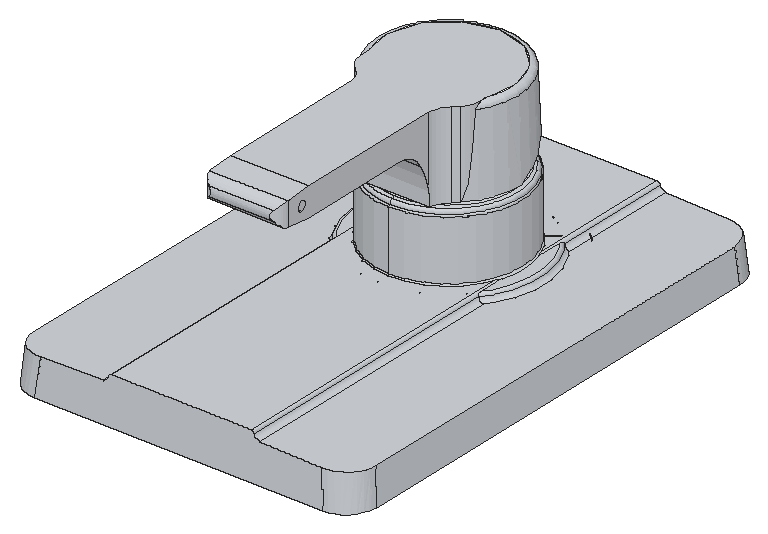
Revit family "Shower-Valve_Trim-KOHLER-SINGULIER-K-10880T_1", category Specialty Equipment, host Face, Revit 2017
Family settings
  Host = Face
  Round Connector Dimension = Use Diameter
  Part Type = Normal
  OmniClass Number = 23.31.25.00
  OmniClass Title = Toilet and Bath Specialties
  Cut with Voids When Loaded = No
  Shared = No
  Room Calculation Point = No
Parameters (values of type "CP-Polished Chrome")
  Width = 4 135/256"  # constant formula
  WaterSense Certified = 1 = 0  # no
  URL = "http://www.kohler.com.cn/"
  Type = 1
  Product Page URL = "https://www.kohler.com.cn/product/K-10880T-4-CP/K-10880T-4-CP/"
  Product Name = "Singulier"  # constant formula
  Product Documentation Link = "https://files.kohler.com.cn/pdfs/10880T.pdf"
  Model = if(Type = 1, "K-10880T-4-CP", if(Type = 2, "K-10880T-4-AF", if(Type = 3, "K-10880T-4-BN", "NA")))  # "K-10880T-4-CP"
  Material = "Premium Metal Construction"  # constant formula
  Master Format 2014 Name = "Toilet, Bath, and Laundry Accessories"  # constant formula
  Master Format 2014 = "10 28 00"  # constant formula
  Manufacturer Address = "Kohler Beijing Office (100016) 36-2-03-B, No. 88, Liuxiang Road, Beijing"  # constant formula
  Manufacturer = "KOHLER Co."  # constant formula
  Length = 2 167/256"  # constant formula
  Height = 6 177/256"  # constant formula
  Handle Clearance = 3 99/256"  # constant formula
  Finish = Kohler-Metal-CP-Polished_Chrome
  Environmental Product Declaration = ""
  Description = "40mm in-wall shower panel"  # constant formula
  Default Elevation = 42"
  Declare Label = ""
  Date Modified = "04/01/2021"  # constant formula
  Date Created = "04/01/2021"  # constant formula
  Copyright = "Copyright KOHLER Co."  # constant formula
  Contact Us = "http://www.kohler.com.cn/contact/contact-us/"
  Assembly Code = "C1030200"
  ADA Compliant = 1 = 0  # no
Types (4): name | Type | Product Page URL | Model | Finish
  (no name) | 1 | "https://www.kohler.com.cn/product/K-10880T-4-CP/K-10880T-4-CP/" | "K-10880T-4-CP" | Kohler-Metal-CP-Polished_Chrome
  BN-Roman Silver | 3 | "https://www.kohler.com.cn/product/K-10880T-4-CP/K-10880T-4-BN/" | "K-10880T-4-BN" | Kohler-Metal-BN-Roman_Silver
  CP-Polished Chrome | 1 | "https://www.kohler.com.cn/product/K-10880T-4-CP/K-10880T-4-CP/" | "K-10880T-4-CP" | Kohler-Metal-CP-Polished_Chrome
  AF-Flange Gold | 2 | "https://www.kohler.com.cn/product/K-10880T-4-CP/K-10880T-4-AF/" | "K-10880T-4-AF" | Kohler-Metal-AF-Flange_Gold
Reference planes (in)
  plane 1 "Center (Front/Back)": y = 0
  plane 2: z = 0
  plane 3 "Center (Left/Right)": x = 0
  plane 4: y = 3.3457
  plane 5: y = -3.3457
  plane 6: z = 2.65234
  plane 7: y = 1.04331
  plane 8: y = -2.34341
  plane 9: x = 2.26404
  plane 10: x = -2.2633
  plane 11: z = 0.48398
  plane 12: y = 2.00712
  plane 13: y = 0.07799
  plane 14: x = -1.00368
  plane 15: x = 1.00368
Dimensions and locks (in)
  "Height": plane 5 to plane 4
  "Length": level to plane 6
  "Handle Clearance": plane 7 to plane 8
  "Width": plane 10 to plane 9
  aligned and locked: plane 2 to host face
  aligned and locked: level to host face
  aligned and locked: plane 4 to nested 1
  aligned and locked: plane 5 to nested 1
  aligned and locked: plane 6 to nested 1
  aligned and locked: plane 7 to nested 1
  aligned and locked: plane 8 to nested 1
Automatic sketch dimensions
  host sketch curve to host sketch curve = 96"  (x2)
Nested families (in)
  nested 1: "K-10880T" at (0.00026, -0.00075, -0.00107), type "K-10880T"
Definition of nested family "K-10880T"
  Parameters (values of type "K-10880T")
    Material = none
  Reference planes (in)
    plane 1 "Center (Front/Back)": y = 0
    plane 2: z = 0
    plane 3 "Center (Left/Right)": x = 0
    plane 4: y = 3.34646
    plane 5: y = -3.34646
    plane 6: x = 2.26378
    plane 7 "1": y = 1.04331
    plane 8: z = 2.65341
    plane 9: y = -2.34252
    plane 10: x = -2.26378
  Forms (in)
    SweptBlend 1, solid, material <- "Material", detail levels medium+fine
      path origin (0, 0, 0) x (1, 0, 0) y (0, 0, 1)
        loop
          line (0, 0) -> (0, 0.59055)
      profile origin (0, 0, 0) x (-1, 0, 0) y (0, -1, 0)
        loop
          arc (1.87131, -3.34646) -> (2.1497, -3.23114) -> (2.26501, -2.95276) r 0.3937
          line (2.26501, -2.95276) -> (2.26501, 2.95276)
          arc (2.26501, 2.95276) -> (2.1497, 3.23114) -> (1.87131, 3.34646) r 0.3937
          line (1.87131, 3.34646) -> (-1.87131, 3.34646)
          arc (-1.87131, 3.34646) -> (-2.1497, 3.23114) -> (-2.26501, 2.95276) r 0.3937
          line (-2.26501, 2.95276) -> (-2.26501, -2.95276)
          arc (-2.26501, -2.95276) -> (-2.1497, -3.23114) -> (-1.87131, -3.34646) r 0.3937
          line (-1.87131, -3.34646) -> (1.87131, -3.34646)
      end profile origin (0, 0, 0.59055) x (-1, 0, 0) y (0, -1, 0)
        loop
          arc (1.81836, -3.29357) -> (2.09675, -3.17826) -> (2.21206, -2.89987) r 0.3937
          line (2.21206, -2.89987) -> (2.21206, 2.89961)
          arc (2.21206, 2.89961) -> (2.09675, 3.178) -> (1.81836, 3.29331) r 0.3937
          line (1.81836, 3.29331) -> (-1.81836, 3.29331)
          arc (-1.81836, 3.29331) -> (-2.09674, 3.178) -> (-2.21206, 2.89961) r 0.3937
          line (-2.21206, 2.89961) -> (-2.21206, -2.89987)
          arc (-2.21206, -2.89987) -> (-2.09674, -3.17826) -> (-1.81836, -3.29357) r 0.3937
          line (-1.81836, -3.29357) -> (1.81836, -3.29357)
    Extrusion 2, void
      sketch origin (0, 0, 0) x (1, 0, 0) y (0, 0, 1)
        loop
          line (2.59566, 0.4396) -> (2.59566, 0.75842) -> (-2.64178, 0.75842) -> (-2.64178, 0.43768)
          arc (-2.64178, 0.43768) -> (-1.83065, 0.4666) -> (-1.01922, 0.48503) r 62.75716
          arc (-1.01922, 0.48503) -> (-0.9708, 0.50351) -> (-0.94552, 0.54875) r 0.07592
          arc (-0.94552, 0.54875) -> (-0.93208, 0.5728) -> (-0.90633, 0.58261) r 0.04035
          arc (-0.90633, 0.58261) -> (-0.00003, 0.58972) -> (0.90627, 0.58265) r 57.92163
          arc (0.90627, 0.58265) -> (0.93326, 0.5723) -> (0.9472, 0.54697) r 0.04207
          arc (0.9472, 0.54697) -> (0.97136, 0.50303) -> (1.01817, 0.48504) r 0.073
          arc (1.01817, 0.48504) -> (1.80706, 0.46728) -> (2.59566, 0.4396) r 62.75716
      from -4.04299 to 3.66349
    Revolve 3, solid, material <- "Material", detail levels medium+fine
      sketch origin (0, 0, 0) x (0, 1, 0) y (0, 0, 1)
        loop
          arc (2.00787, 1.37323) -> (2.00235, 1.3889) -> (1.98822, 1.39764) r 0.02498
          arc (1.98822, 1.39764) -> (1.98062, 1.42785) -> (1.9552, 1.44585) r 0.04491
          line (1.9552, 1.44585) -> (1.90789, 1.45852)
          arc (1.90789, 1.45852) -> (1.8661, 1.48639) -> (1.84983, 1.53391) r 0.07833
          arc (1.84983, 1.53391) -> (1.61059, 2.09106) -> (1.04331, 2.30514) r 0.77455
          line (1.04331, 2.30514) -> (1.04331, 0.29362) -> (2.53985, 0.29362) -> (2.53985, 0.39443)
          arc (2.53985, 0.39443) -> (2.52867, 0.42524) -> (2.50033, 0.44169) r 0.04801
          line (2.50033, 0.44169) -> (2.29024, 0.47943)
          arc (2.29024, 0.47943) -> (2.24885, 0.50153) -> (2.22821, 0.54366) r 0.0763
          arc (2.22821, 0.54366) -> (2.21486, 0.56817) -> (2.18873, 0.578) r 0.04004
          arc (2.18873, 0.578) -> (2.10911, 0.57852) -> (2.02949, 0.57948) r 14.53707
          arc (2.02949, 0.57948) -> (2.01419, 0.58602) -> (2.00787, 0.60142) r 0.02194
          line (2.00787, 0.60142) -> (2.00787, 1.37323)
        axis (1.04331, 2.30514) -> (1.04331, 0.29362)
      angle from 0 to 360
    Revolve 4, solid, material <- "Material", detail levels medium+fine
      sketch origin (0, 0, 0) x (0, 1, 0) y (0, 0, 1)
        loop
          line (1.98166, 1.54134) -> (1.9515, 2.57742)
          arc (1.9515, 2.57742) -> (1.9278, 2.63129) -> (1.87326, 2.65341) r 0.07827
          line (1.87326, 2.65341) -> (1.03369, 2.65341) -> (1.03369, 1.54134) -> (1.98166, 1.54134)
        axis (1.03369, 2.65341) -> (1.03369, 1.54134)
      angle from 0 to 360
    Extrusion 5, void
      sketch origin (0, 0, 0) x (0, 1, 0) y (0, 0, 1)
        loop
          line (0.98895, 1.51482) -> (2.08275, 1.51482) -> (2.08275, 2.04836) -> (0.98895, 1.51482)
      from -1.19707 to 1.3425
    Revolve 6, solid, material <- "Material", detail levels medium+fine
      sketch origin (0, 0, 0) x (0, 1, 0) y (0, 0, 1)
        loop
          arc (2.02691, 2.26392) -> (1.99308, 2.37398) -> (1.89741, 2.43806) r 0.17206
          line (1.89741, 2.43806) -> (1.89741, 2.26392) -> (2.02691, 2.26392)
        axis (2.02691, 2.26392) -> (1.89741, 2.26392)
      angle from 0 to 360
    Extrusion 7, solid, material <- "Material", detail levels medium+fine
      sketch origin (0, 0, 0) x (1, 0, 0) y (0, 1, 0)
        loop
          line (-0.3492, -2.34638) -> (0.3492, -2.34638)
          arc (0.3492, -2.34638) -> (0.46056, -2.30026) -> (0.50668, -2.1889) r 0.15748
          line (0.50668, -2.1889) -> (0.50668, 0.07491)
          arc (0.50668, 0.07491) -> (0.53558, 0.20638) -> (0.61673, 0.31377) r 0.31496
          arc (0.61673, 0.31377) -> (0.655, 0.3484) -> (0.69132, 0.38506) r 0.94797
          arc (0.69132, 0.38506) -> (0.74784, 0.47419) -> (0.7676, 0.57786) r 0.28178
          line (0.7676, 0.57786) -> (0.7676, 0.87343) -> (-0.7676, 0.87343) -> (-0.7676, 0.57786)
          arc (-0.7676, 0.57786) -> (-0.74784, 0.47419) -> (-0.69132, 0.38506) r 0.28178
          arc (-0.69132, 0.38506) -> (-0.655, 0.3484) -> (-0.61673, 0.31377) r 0.94797
          arc (-0.61673, 0.31377) -> (-0.53552, 0.20623) -> (-0.50668, 0.07458) r 0.31496
          line (-0.50668, 0.07458) -> (-0.50668, -2.1889)
          arc (-0.50668, -2.1889) -> (-0.46056, -2.30026) -> (-0.3492, -2.34638) r 0.15748
      from 1.54134 to 2.65341
    Extrusion 8, void
      sketch origin (0, 0, 0) x (0, 1, 0) y (0, 0, 1)
        loop
          line (-1.86904, 2.65341) -> (-0.17696, 2.65341) -> (-0.17696, 3.25497) -> (-3.12972, 3.25497) -> (-3.12972, 1.4988) -> (0.10065, 1.4988)
          arc (0.10065, 1.4988) -> (0.07936, 1.79855) -> (-0.0351, 2.07641) r 0.94365
          arc (-0.0351, 2.07641) -> (-0.19524, 2.23019) -> (-0.41008, 2.2862) r 0.44002
          line (-0.41008, 2.2862) -> (-1.86428, 2.2862)
          arc (-1.86428, 2.2862) -> (-2.02747, 2.29303) -> (-2.18952, 2.31346) r 1.95379
          arc (-2.18952, 2.31346) -> (-2.26933, 2.34165) -> (-2.32618, 2.40435) r 0.17279
          arc (-2.32618, 2.40435) -> (-2.34252, 2.46937) -> (-2.32663, 2.5345) r 0.13944
          arc (-2.32663, 2.5345) -> (-2.27537, 2.59399) -> (-2.20307, 2.62464) r 0.17279
          arc (-2.20307, 2.62464) -> (-2.03668, 2.6462) -> (-1.86904, 2.65341) r 1.95379
      from -1.50105 to 1.75816
    Extrusion 9, void
      sketch origin (0, 0, 0) x (0, 1, 0) y (0, 0, 1)
        loop
          line (-0.43761, 1.90197) -> (-0.43761, 1.50827) -> (0.27954, 1.50827) -> (0.27954, 1.90197) -> (-0.43761, 1.90197)
      from -0.38902 to 0.31495
    Extrusion 10, solid, material <- "Material", detail levels coarse
      sketch origin (0, 0, 0) x (1, 0, 0) y (0, 1, 0)
        loop
          arc (-1.87016, 3.34646) -> (-2.14854, 3.23114) -> (-2.26386, 2.95276) r 0.3937
          line (-2.26386, 2.95276) -> (-2.26386, -2.95276)
          arc (-2.26386, -2.95276) -> (-2.14854, -3.23114) -> (-1.87016, -3.34646) r 0.3937
          line (-1.87016, -3.34646) -> (1.87131, -3.34646)
          arc (1.87131, -3.34646) -> (2.1497, -3.23114) -> (2.26501, -2.95276) r 0.3937
          line (2.26501, -2.95276) -> (2.26501, 2.95276)
          arc (2.26501, 2.95276) -> (2.1497, 3.23114) -> (1.87131, 3.34646) r 0.3937
          line (1.87131, 3.34646) -> (-1.87016, 3.34646)
      from 0 to 0.48477
    Extrusion 11, solid, material <- "Material", detail levels coarse
      sketch origin (0, 0, 0) x (1, 0, 0) y (0, 1, 0)
        loop
          line (-0.96455, 3.34646) -> (-0.96455, 1.78424)
          arc (-0.96455, 1.78424) -> (-1.17704, 1.03478) -> (-0.96455, 0.28532) r 1.42791
          line (-0.96455, 0.28532) -> (-0.96455, -3.34646) -> (0.96455, -3.34646) -> (0.96455, 0.32795)
          arc (0.96455, 0.32795) -> (1.17704, 1.07741) -> (0.96455, 1.82687) r 1.42791
          line (0.96455, 1.82687) -> (0.96455, 3.34646) -> (-0.96455, 3.34646)
      from 0 to 0.58977
    Revolve 12, solid, material <- "Material", detail levels coarse
      sketch origin (0, 0, 0) x (0, 1, 0) y (0, 0, 1)
        loop
          line (2.00787, 0.24445) -> (2.00787, 1.31119)
          arc (2.00787, 1.31119) -> (2.00617, 1.44162) -> (2.00105, 1.57196) r 4.9825
          line (2.00105, 1.57196) -> (1.94437, 2.65341) -> (1.04331, 2.65341) -> (1.04331, 0.24445) -> (2.00787, 0.24445)
        axis (1.04331, 2.65341) -> (1.04331, 0.24445)
      angle from 0 to 360
    Extrusion 13, solid, material <- "Material", detail levels coarse
      sketch origin (0, 0, 0) x (0, 1, 0) y (0, 0, 1)
        loop
          line (0.64961, 2.2862) -> (0.64961, 2.65341) -> (-2.34252, 2.65341) -> (-2.34252, 2.2862) -> (0.64961, 2.2862)
      from -0.50668 to 0.50668
    Extrusion 14, solid, detail levels medium+fine
      sketch origin (0, 0, 0) x (0, 1, 0) y (0, 0, 1)
        loop
          circle (-1.98073, 2.46874) r 0.0565
      from 0.33928 to 0.507
    Extrusion 15, solid, detail levels medium+fine
      sketch origin (0, 0, 0) x (0, 1, 0) y (0, 0, -1)
        loop
          circle (-1.98073, -2.46874) r 0.0565
      from 0.33928 to 0.507
  Cuts and joins
    Extrusion 2, Extrusion 5 cuts SweptBlend 1
    Extrusion 5, Extrusion 9 cuts Revolve 4
    Extrusion 9 cuts Revolve 6
    Extrusion 8 cuts Extrusion 7
    joined: Revolve 3, Revolve 4, Revolve 6, Extrusion 7
    joined: Extrusion 10, Extrusion 11, Revolve 12, Extrusion 13
  Lines and regions (in)
    Masking region 1
      outline origin (0, 0, 0) x (1, 0, 0) y (0, 1, 0)
        loop
          arc (-1.87238, 3.34646) -> (-2.15001, 3.23146) -> (-2.26501, 2.95383) r 0.39263
          line (-2.26501, 2.95383) -> (-2.26501, -2.95383)
          arc (-2.26501, -2.95383) -> (-2.15001, -3.23146) -> (-1.87238, -3.34646) r 0.39263
          line (-1.87238, -3.34646) -> (1.87238, -3.34646)
          arc (1.87238, -3.34646) -> (2.15001, -3.23146) -> (2.26501, -2.95383) r 0.39263
          line (2.26501, -2.95383) -> (2.26501, 2.95383)
          arc (2.26501, 2.95383) -> (2.15001, 3.23146) -> (1.87238, 3.34646) r 0.39263
          line (1.87238, 3.34646) -> (-1.87238, 3.34646)
    Masking region 2
      outline origin (0, 0, 0) x (1, 0, 0) y (0, 0, 1)
        loop
          arc (0.96457, 1.37471) -> (0.95904, 1.39038) -> (0.94491, 1.39912) r 0.02498
          arc (0.94491, 1.39912) -> (0.93732, 1.42933) -> (0.91189, 1.44733) r 0.04491
          line (0.91189, 1.44733) -> (0.86458, 1.46001)
          arc (0.86458, 1.46001) -> (0.82102, 1.49026) -> (0.80673, 1.54134) r 0.07833
          line (0.80673, 1.54134) -> (0.94797, 1.54134) -> (0.91781, 2.57742)
          arc (0.91781, 2.57742) -> (0.89411, 2.63129) -> (0.83957, 2.65341) r 0.07827
          line (0.83957, 2.65341) -> (0, 2.65341) -> (-0.83957, 2.65341)
          arc (-0.83957, 2.65341) -> (-0.89411, 2.63129) -> (-0.91781, 2.57742) r 0.07827
          line (-0.91781, 2.57742) -> (-0.94797, 1.54134) -> (-0.80673, 1.54134)
          arc (-0.80673, 1.54134) -> (-0.82102, 1.49026) -> (-0.86458, 1.46001) r 0.07833
          line (-0.86458, 1.46001) -> (-0.91189, 1.44733)
          arc (-0.91189, 1.44733) -> (-0.93732, 1.42933) -> (-0.94491, 1.39912) r 0.04491
          arc (-0.94491, 1.39912) -> (-0.95904, 1.39038) -> (-0.96457, 1.37471) r 0.02498
          line (-0.96457, 1.37471) -> (-0.96457, 0.6029)
          arc (-0.96457, 0.6029) -> (-0.97088, 0.5875) -> (-0.98619, 0.58096) r 0.02194
          arc (-0.98619, 0.58096) -> (-1.0658, 0.58) -> (-1.14543, 0.57948) r 14.53707
          arc (-1.14543, 0.57948) -> (-1.17155, 0.56965) -> (-1.1849, 0.54514) r 0.04004
          arc (-1.1849, 0.54514) -> (-1.20657, 0.50196) -> (-1.24984, 0.48045) r 0.0763
          arc (-1.24984, 0.48045) -> (-1.70497, 0.46948) -> (-2.16001, 0.45541) r 67.07927
          arc (-2.16001, 0.45541) -> (-2.19667, 0.44042) -> (-2.21477, 0.40518) r 0.05713
          line (-2.21477, 0.40518) -> (-2.26376, 0) -> (0, 0) -> (2.26381, 0) -> (2.21482, 0.40518)
          arc (2.21482, 0.40518) -> (2.19672, 0.44042) -> (2.16006, 0.45541) r 0.05713
          arc (2.16006, 0.45541) -> (1.70499, 0.46948) -> (1.24983, 0.48045) r 67.07927
          arc (1.24983, 0.48045) -> (1.20657, 0.50196) -> (1.1849, 0.54514) r 0.0763
          arc (1.1849, 0.54514) -> (1.17155, 0.56965) -> (1.14543, 0.57948) r 0.04004
          arc (1.14543, 0.57948) -> (1.0658, 0.58) -> (0.98619, 0.58096) r 14.53707
          arc (0.98619, 0.58096) -> (0.97088, 0.5875) -> (0.96457, 0.6029) r 0.02194
          line (0.96457, 0.6029) -> (0.96457, 1.37471)
    Masking region 3
      outline origin (0, 0, 0) x (0, 1, 0) y (0, 0, 1)
        loop
          line (-3.29836, 0.5344) -> (-3.34646, 0) -> (3.34646, 0) -> (3.29851, 0.53543)
          arc (3.29851, 0.53543) -> (3.27936, 0.57411) -> (3.23913, 0.58972) r 0.05961
          line (3.23913, 0.58972) -> (2.00787, 0.58972) -> (2.00787, 1.37323)
          arc (2.00787, 1.37323) -> (2.00262, 1.38912) -> (1.98822, 1.39764) r 0.02384
          arc (1.98822, 1.39764) -> (1.98047, 1.4279) -> (1.95494, 1.44592) r 0.04522
          line (1.95494, 1.44592) -> (1.90797, 1.4585)
          arc (1.90797, 1.4585) -> (1.86561, 1.48683) -> (1.8493, 1.53511) r 0.07916
          arc (1.8493, 1.53511) -> (1.82707, 1.71869) -> (1.761, 1.89142) r 0.75735
          line (1.761, 1.89142) -> (1.96852, 1.99264) -> (1.96472, 2.124)
          arc (1.96472, 2.124) -> (2.02794, 2.2691) -> (1.95643, 2.41029) r 0.18585
          line (1.95643, 2.41029) -> (1.95159, 2.57742)
          arc (1.95159, 2.57742) -> (1.9279, 2.63128) -> (1.87337, 2.65341) r 0.07825
          line (1.87337, 2.65341) -> (-1.86904, 2.65341)
          arc (-1.86904, 2.65341) -> (-2.03668, 2.6462) -> (-2.20307, 2.62464) r 1.95379
          arc (-2.20307, 2.62464) -> (-2.27537, 2.59399) -> (-2.32663, 2.5345) r 0.17279
          arc (-2.32663, 2.5345) -> (-2.34252, 2.46937) -> (-2.32618, 2.40435) r 0.13944
          arc (-2.32618, 2.40435) -> (-2.26933, 2.34165) -> (-2.18952, 2.31346) r 0.17279
          arc (-2.18952, 2.31346) -> (-2.02747, 2.29303) -> (-1.86428, 2.2862) r 1.95379
          line (-1.86428, 2.2862) -> (-0.41008, 2.2862)
          arc (-0.41008, 2.2862) -> (-0.19524, 2.23019) -> (-0.0351, 2.07641) r 0.44002
          arc (-0.0351, 2.07641) -> (0.07424, 1.81925) -> (0.10348, 1.54134) r 0.94365
          line (0.10348, 1.54134) -> (0.23706, 1.54134)
          arc (0.23706, 1.54134) -> (0.22285, 1.48935) -> (0.17864, 1.4585) r 0.07916
          line (0.17864, 1.4585) -> (0.13167, 1.44592)
          arc (0.13167, 1.44592) -> (0.10615, 1.4279) -> (0.09839, 1.39764) r 0.04522
          arc (0.09839, 1.39764) -> (0.08399, 1.38912) -> (0.07874, 1.37323) r 0.02384
          line (0.07874, 1.37323) -> (0.07874, 0.58972) -> (-3.23783, 0.58972)
          arc (-3.23783, 0.58972) -> (-3.27883, 0.57381) -> (-3.29836, 0.5344) r 0.06077
    symbolic lines, detail levels medium+fine
      curve 1: line (0.50668, -2.22441, 0) -> (0.50668, 0.07388, 0)
      curve 2: line (-0.50668, 0.07347, 0) -> (-0.50668, -2.22441, 0)
      curve 3: line (-0.38857, -2.34252, 0) -> (0.38857, -2.34252, 0)
      curve 4: arc (-0.50668, -2.22441, 0) -> (-0.47209, -2.30793, 0) -> (-0.38857, -2.34252, 0) r 0.11811
      curve 5: arc (0.38857, -2.34252, 0) -> (0.47209, -2.30793, 0) -> (0.50668, -2.22441, 0) r 0.11811
      curve 6: line (-2.2163, -2.92005, 0) -> (-2.2163, 2.92005, 0)
      curve 7: spline (-2.2163, 2.92005, 0) -> (-2.21189, 2.97066, 0) -> (-2.201, 3.02028, 0) -> (-2.18381, 3.06808, 0) -> (-2.1606, 3.11327, 0) -> (-2.13177, 3.15508, 0) -> (-2.09778, 3.19283, 0) -> (-2.05922, 3.22587, 0) -> (-2.01672, 3.25367, 0) -> (-1.97099, 3.27576, 0) -> (-1.9228, 3.29177, 0) -> (-1.87294, 3.30142, 0) -> (-1.82226, 3.30457, 0)
      curve 8: spline (-1.83456, 3.30468, 0) -> (-1.76664, 3.30451, 0) -> (-1.69871, 3.30434, 0) -> (-1.63078, 3.30418, 0) -> (-1.56285, 3.30402, 0) -> (-1.49492, 3.30387, 0) -> (-1.42699, 3.30373, 0) -> (-1.35905, 3.3036, 0) -> (-1.29111, 3.30347, 0) -> (-1.22317, 3.30335, 0) -> (-1.15523, 3.30323, 0) -> (-1.08729, 3.30312, 0) -> (-1.01935, 3.30302, 0)
      curve 9: spline (-1.01935, 3.30302, 0) -> (-1.01053, 3.30296, 0) -> (-1.00184, 3.30281, 0) -> (-0.99341, 3.30257, 0) -> (-0.98535, 3.30225, 0) -> (-0.97777, 3.30184, 0) -> (-0.97076, 3.30136, 0) -> (-0.96443, 3.30081, 0) -> (-0.95886, 3.3002, 0) -> (-0.95412, 3.29953, 0) -> (-0.95029, 3.29882, 0) -> (-0.94741, 3.29807, 0) -> (-0.94551, 3.2973, 0)
      curve 10: spline (-0.94551, 3.29731, 0) -> (-0.9445, 3.2969, 0) -> (-0.94297, 3.29651, 0) -> (-0.94092, 3.29613, 0) -> (-0.93841, 3.29578, 0) -> (-0.93544, 3.29545, 0) -> (-0.93208, 3.29516, 0) -> (-0.92835, 3.2949, 0) -> (-0.92432, 3.29469, 0) -> (-0.92004, 3.29452, 0) -> (-0.91556, 3.29439, 0) -> (-0.91094, 3.29431, 0) -> (-0.90626, 3.29428, 0)
      curve 11: spline (-0.90626, 3.29428, 0) -> (-0.75523, 3.29409, 0) -> (-0.6042, 3.29393, 0) -> (-0.45316, 3.2938, 0) -> (-0.30212, 3.29371, 0) -> (-0.15107, 3.29366, 0) -> (-0.00003, 3.29364, 0) -> (0.15102, 3.29366, 0) -> (0.30206, 3.29371, 0) -> (0.4531, 3.2938, 0) -> (0.60414, 3.29392, 0) -> (0.75517, 3.29408, 0) -> (0.9062, 3.29428, 0)
      curve 12: spline (0.9062, 3.29428, 0) -> (0.91112, 3.29431, 0) -> (0.91596, 3.29439, 0) -> (0.92066, 3.29453, 0) -> (0.92515, 3.29471, 0) -> (0.92937, 3.29493, 0) -> (0.93326, 3.2952, 0) -> (0.93678, 3.29551, 0) -> (0.93987, 3.29586, 0) -> (0.94248, 3.29623, 0) -> (0.9446, 3.29663, 0) -> (0.94617, 3.29704, 0) -> (0.94719, 3.29747, 0)
      curve 13: spline (0.9472, 3.29747, 0) -> (0.94896, 3.29821, 0) -> (0.95168, 3.29894, 0) -> (0.95534, 3.29963, 0) -> (0.95988, 3.30027, 0) -> (0.96523, 3.30087, 0) -> (0.97133, 3.30141, 0) -> (0.97809, 3.30187, 0) -> (0.98541, 3.30227, 0) -> (0.9932, 3.30258, 0) -> (1.00136, 3.30282, 0) -> (1.00976, 3.30296, 0) -> (1.01829, 3.30302, 0)
      curve 14: spline (1.01829, 3.30302, 0) -> (1.08531, 3.30312, 0) -> (1.15232, 3.30323, 0) -> (1.21933, 3.30334, 0) -> (1.28634, 3.30346, 0) -> (1.35335, 3.30359, 0) -> (1.42036, 3.30372, 0) -> (1.48736, 3.30386, 0) -> (1.55436, 3.304, 0) -> (1.62137, 3.30415, 0) -> (1.68837, 3.30431, 0) -> (1.75536, 3.30448, 0) -> (1.82236, 3.30465, 0)
      curve 15: spline (-2.2163, -2.92005, 0) -> (-2.21189, -2.97066, 0) -> (-2.201, -3.02028, 0) -> (-2.18381, -3.06808, 0) -> (-2.1606, -3.11327, 0) -> (-2.13177, -3.15508, 0) -> (-2.09778, -3.19283, 0) -> (-2.05922, -3.22587, 0) -> (-2.01672, -3.25367, 0) -> (-1.97099, -3.27576, 0) -> (-1.9228, -3.29177, 0) -> (-1.87294, -3.30142, 0) -> (-1.82226, -3.30457, 0)
      curve 16: spline (-1.83456, -3.30468, 0) -> (-1.76664, -3.30451, 0) -> (-1.69871, -3.30434, 0) -> (-1.63078, -3.30418, 0) -> (-1.56285, -3.30402, 0) -> (-1.49492, -3.30387, 0) -> (-1.42699, -3.30373, 0) -> (-1.35905, -3.3036, 0) -> (-1.29111, -3.30347, 0) -> (-1.22317, -3.30335, 0) -> (-1.15523, -3.30323, 0) -> (-1.08729, -3.30312, 0) -> (-1.01935, -3.30302, 0)
      curve 17: spline (-1.01935, -3.30302, 0) -> (-1.01053, -3.30296, 0) -> (-1.00184, -3.30281, 0) -> (-0.99341, -3.30257, 0) -> (-0.98535, -3.30225, 0) -> (-0.97777, -3.30184, 0) -> (-0.97076, -3.30136, 0) -> (-0.96443, -3.30081, 0) -> (-0.95886, -3.3002, 0) -> (-0.95412, -3.29953, 0) -> (-0.95029, -3.29882, 0) -> (-0.94741, -3.29807, 0) -> (-0.94551, -3.2973, 0)
      curve 18: spline (-0.94551, -3.29731, 0) -> (-0.9445, -3.2969, 0) -> (-0.94297, -3.29651, 0) -> (-0.94092, -3.29613, 0) -> (-0.93841, -3.29578, 0) -> (-0.93544, -3.29545, 0) -> (-0.93208, -3.29516, 0) -> (-0.92835, -3.2949, 0) -> (-0.92432, -3.29469, 0) -> (-0.92004, -3.29452, 0) -> (-0.91556, -3.29439, 0) -> (-0.91094, -3.29431, 0) -> (-0.90626, -3.29428, 0)
      curve 19: spline (-0.90626, -3.29428, 0) -> (-0.75523, -3.29409, 0) -> (-0.6042, -3.29393, 0) -> (-0.45316, -3.2938, 0) -> (-0.30212, -3.29371, 0) -> (-0.15107, -3.29366, 0) -> (-0.00003, -3.29364, 0) -> (0.15102, -3.29366, 0) -> (0.30206, -3.29371, 0) -> (0.4531, -3.2938, 0) -> (0.60414, -3.29392, 0) -> (0.75517, -3.29408, 0) -> (0.9062, -3.29428, 0)
      curve 20: spline (0.9062, -3.29428, 0) -> (0.91112, -3.29431, 0) -> (0.91596, -3.29439, 0) -> (0.92066, -3.29453, 0) -> (0.92515, -3.29471, 0) -> (0.92937, -3.29493, 0) -> (0.93326, -3.2952, 0) -> (0.93678, -3.29551, 0) -> (0.93987, -3.29586, 0) -> (0.94248, -3.29623, 0) -> (0.9446, -3.29663, 0) -> (0.94617, -3.29704, 0) -> (0.94719, -3.29747, 0)
      curve 21: spline (0.9472, -3.29747, 0) -> (0.94896, -3.29821, 0) -> (0.95168, -3.29894, 0) -> (0.95534, -3.29963, 0) -> (0.95988, -3.30027, 0) -> (0.96523, -3.30087, 0) -> (0.97133, -3.30141, 0) -> (0.97809, -3.30187, 0) -> (0.98541, -3.30227, 0) -> (0.9932, -3.30258, 0) -> (1.00136, -3.30282, 0) -> (1.00976, -3.30296, 0) -> (1.01829, -3.30302, 0)
      curve 22: spline (1.01829, -3.30302, 0) -> (1.08531, -3.30312, 0) -> (1.15232, -3.30323, 0) -> (1.21933, -3.30334, 0) -> (1.28634, -3.30346, 0) -> (1.35335, -3.30359, 0) -> (1.42036, -3.30372, 0) -> (1.48736, -3.30386, 0) -> (1.55436, -3.304, 0) -> (1.62137, -3.30415, 0) -> (1.68837, -3.30431, 0) -> (1.75536, -3.30448, 0) -> (1.82236, -3.30465, 0)
      curve 23: arc (0.6337, 0.36693, 0) -> (0.00014, 1.97016, 0) -> (-0.63391, 0.36712, 0) r 0.92685
      curve 24: arc (-0.63391, 0.36712, 0) -> (-0.53986, 0.23348, 0) -> (-0.50668, 0.07347, 0) r 0.40252
      curve 25: arc (0.50668, 0.07388, 0) -> (0.5398, 0.23358, 0) -> (0.6337, 0.36693, 0) r 0.40157
      curve 26: arc (0.56353, 0.21245, 0) -> (0, 2.04724, 0) -> (-0.56353, 0.21245, 0) r 1.00394
      curve 27: arc (-0.56353, 0.21245, 0) -> (-0.51879, 0.13552, 0) -> (-0.50668, 0.04735, 0) r 0.22945
      curve 28: arc (0.56353, 0.21245, 0) -> (0.51879, 0.13552, 0) -> (0.50668, 0.04734, 0) r 0.22945
      curve 29: arc (-0.1442, 1.95888, 0) -> (0, 2.02876, 0) -> (0.14419, 1.95888, 0) r 0.1837
      curve 30: line (-0.90913, 3.29433, 0) -> (-0.90913, 1.8773, 0)
      curve 31: arc (-0.94753, 1.72659, 0) -> (-1.12162, 1.04331, 0) -> (-0.94753, 0.36003, 0) r 1.42791
      curve 32: line (-0.90913, 0.20932, 0) -> (-0.90913, -3.29433, 0)
      curve 33: arc (-0.94753, 0.36003, 0) -> (-0.91888, 0.28708, 0) -> (-0.90913, 0.20932, 0) r 0.31496
      curve 34: arc (-0.90913, 1.8773, 0) -> (-0.91888, 1.79953, 0) -> (-0.94753, 1.72659, 0) r 0.31496
      curve 35: line (0.90913, 3.29433, 0) -> (0.90913, 1.8773, 0)
      curve 36: arc (0.94753, 1.72659, 0) -> (1.12162, 1.04331, 0) -> (0.94753, 0.36003, 0) r 1.42791
      curve 37: line (0.90913, 0.20932, 0) -> (0.90913, -3.29433, 0)
      curve 38: arc (0.94753, 0.36003, 0) -> (0.91888, 0.28708, 0) -> (0.90913, 0.20932, 0) r 0.31496
      curve 39: arc (0.90913, 1.8773, 0) -> (0.91888, 1.79953, 0) -> (0.94753, 1.72659, 0) r 0.31496
      curve 40: line (-2.2163, -2.92005, 0) -> (-2.26501, -2.95004, 0)
      curve 41: line (-1.87746, -3.34646, 0) -> (-1.82226, -3.30457, 0)
      curve 42: line (-2.2163, 2.92005, 0) -> (-2.26501, 2.95004, 0)
      curve 43: line (-1.87746, 3.34646, 0) -> (-1.82226, 3.30457, 0)
      curve 44: spline (0.15181, 0, 2.26715) -> (0.14663, 0, 2.3042) -> (0.13146, 0, 2.33872) -> (0.10733, 0, 2.36837) -> (0.07588, 0, 2.39112) -> (0.03925, 0, 2.40542) -> (-0.00005, 0, 2.4103) -> (-0.03936, 0, 2.40542) -> (-0.07598, 0, 2.39112) -> (-0.10743, 0, 2.36837) -> (-0.13157, 0, 2.33872) -> (-0.14674, 0, 2.3042) -> (-0.15191, 0, 2.26715) -> (-0.14674, 0, 2.23009) -> (-0.13157, 0, 2.19557) -> (-0.10743, 0, 2.16592) -> (-0.07598, 0, 2.14317) -> (-0.03936, 0, 2.12887) -> (-0.00005, 0, 2.12399) -> (0.03925, 0, 2.12887) -> (0.07588, 0, 2.14317) -> (0.10733, 0, 2.16592) -> (0.13146, 0, 2.19557) -> (0.14663, 0, 2.23009) -> (0.15181, 0, 2.26715)
      curve 45: spline (0.94791, 0, 1.54142) -> (0.94385, 0, 1.59782) -> (0.92326, 0, 1.65354) -> (0.88647, 0, 1.70765) -> (0.8341, 0, 1.75926) -> (0.767, 0, 1.80752) -> (0.68628, 0, 1.85165) -> (0.59326, 0, 1.89091) -> (0.48948, 0, 1.92465) -> (0.37665, 0, 1.95233) -> (0.25661, 0, 1.97349) -> (0.13134, 0, 1.98777) -> (0.00292, 0, 1.99495)
      curve 46: spline (0.00292, 0, 1.99495) -> (-0.1263, 0, 1.98777) -> (-0.25234, 0, 1.97349) -> (-0.37311, 0, 1.95233) -> (-0.48665, 0, 1.92465) -> (-0.59106, 0, 1.89091) -> (-0.68465, 0, 1.85165) -> (-0.76587, 0, 1.80752) -> (-0.83338, 0, 1.75926) -> (-0.88608, 0, 1.70765) -> (-0.92309, 0, 1.65354) -> (-0.94381, 0, 1.59782) -> (-0.94789, 0, 1.54142)
      curve 47: spline (0.80663, 0, 1.54134) -> (0.79896, 0, 1.5872) -> (0.77776, 0, 1.63224) -> (0.74337, 0, 1.67569) -> (0.69639, 0, 1.7168) -> (0.63761, 0, 1.75489) -> (0.56802, 0, 1.7893) -> (0.48882, 0, 1.81945) -> (0.40134, 0, 1.84483) -> (0.30708, 0, 1.865) -> (0.20763, 0, 1.87963) -> (0.10469, 0, 1.88846) -> (0, 0, 1.89134)
      curve 48: spline (0, 0, 1.89134) -> (-0.10469, 0, 1.88846) -> (-0.20763, 0, 1.87963) -> (-0.30708, 0, 1.865) -> (-0.40134, 0, 1.84483) -> (-0.48882, 0, 1.81945) -> (-0.56802, 0, 1.7893) -> (-0.63761, 0, 1.75489) -> (-0.69639, 0, 1.7168) -> (-0.74337, 0, 1.67569) -> (-0.77776, 0, 1.63224) -> (-0.79896, 0, 1.5872) -> (-0.80663, 0, 1.54134)
      curve 49: line (0.94491, 0, 1.39764) -> (-0.94491, 0, 1.39764)
      curve 50: arc (-0.90804, 0, 0.58259) -> (-0.00088, 0, 0.58972) -> (0.90627, 0, 0.58265) r 57.92163
      curve 51: arc (1.12666, 0, 0.48287) -> (1.18472, 0, 0.4818) -> (1.24278, 0, 0.48068) r 62.75716
      curve 52: arc (0.9472, 0, 0.54697) -> (0.97126, 0, 0.50312) -> (1.01789, 0, 0.48505) r 0.073
      curve 53: arc (0.90627, 0, 0.58265) -> (0.93326, 0, 0.5723) -> (0.9472, 0, 0.54697) r 0.04207
      curve 54: line (1.12666, 0, 0.48287) -> (1.01789, 0, 0.48505)
      curve 55: arc (-1.12666, 0, 0.48287) -> (-1.18472, 0, 0.4818) -> (-1.24278, 0, 0.48068) r 62.75716
      curve 56: arc (-0.9472, 0, 0.54697) -> (-0.97126, 0, 0.50312) -> (-1.01789, 0, 0.48505) r 0.073
      curve 57: arc (-0.90804, 0, 0.58259) -> (-0.93392, 0, 0.57171) -> (-0.9472, 0, 0.54697) r 0.04207
      curve 58: line (-1.12666, 0, 0.48287) -> (-1.01789, 0, 0.48505)
      curve 59: line (0.90627, 0, 0.58265) -> (0.98623, 0, 0.58096)
      curve 60: line (-0.90627, 0, 0.58265) -> (-0.98623, 0, 0.58096)
      curve 61: arc (-0.29003, 0, -38.78264) -> (0.00052, 0, -38.78035) -> (0.29108, 0, -38.78262) r 18.55155
      curve 62: line (0, 1.98822, 1.39764) -> (0, 0.09839, 1.39764)
      curve 63: line (0, 1.761, 1.89142) -> (0, 1.04331, 1.54134)
      curve 64: line (0, 1.04331, 1.54134) -> (0, 0.23684, 1.54134)
      curve 65: arc (0, 1.95643, 2.41029) -> (0, 1.9417, 2.2666) -> (0, 1.96472, 2.124) r 0.55241
      curve 66: spline (0, 2.91299, 0.45372) -> (0, 2.95439, 0.45392) -> (0, 2.99531, 0.45425) -> (0, 3.0353, 0.45469) -> (0, 3.0739, 0.45526) -> (0, 3.1107, 0.45593) -> (0, 3.14529, 0.45671) -> (0, 3.17727, 0.45758) -> (0, 3.20629, 0.45854) -> (0, 3.23204, 0.45957) -> (0, 3.25422, 0.46067) -> (0, 3.27259, 0.46181) -> (0, 3.28694, 0.46299)
      curve 67: line (0, -2.91973, 0.45372) -> (0, 2.91299, 0.45372)
      curve 68: spline (0, -3.27206, 0.46139) -> (0, -3.25561, 0.46031) -> (0, -3.23606, 0.45928) -> (0, -3.21357, 0.45831) -> (0, -3.18835, 0.45742) -> (0, -3.16062, 0.45661) -> (0, -3.13065, 0.45589) -> (0, -3.09869, 0.45526) -> (0, -3.06503, 0.45473) -> (0, -3.02999, 0.45431) -> (0, -2.99387, 0.454) -> (0, -2.95701, 0.4538) -> (0, -2.91973, 0.45372)
      curve 69: arc (0, -3.27206, 0.46139) -> (0, -3.2885, 0.46248) -> (0, -3.30447, 0.46652) r 0.09079
      curve 70: arc (0, 3.26867, 0.46154) -> (0, 3.28693, 0.46225) -> (0, 3.30467, 0.46659) r 0.09079
      curve 71: line (0, 2.00787, 0.58972) -> (0, 0.07874, 0.58972)
      curve 72: line (-2.21477, 0, 0.40518) -> (2.21482, 0, 0.40518)
      curve 73: line (-1.01789, 0, 0.48505) -> (1.01789, 0, 0.48505)
      curve 74: circle (0, -1.98073, 2.46874) r 0.0565 normal (-1, 0, 0)
      curve 75: line (2.2163, -2.92005, 0) -> (2.2163, 2.92005, 0)
      curve 76: spline (2.2163, 2.92005, 0) -> (2.21189, 2.97066, 0) -> (2.201, 3.02028, 0) -> (2.18381, 3.06808, 0) -> (2.1606, 3.11326, 0) -> (2.13177, 3.15508, 0) -> (2.09778, 3.19282, 0) -> (2.05922, 3.22587, 0) -> (2.01672, 3.25367, 0) -> (1.97099, 3.27576, 0) -> (1.9228, 3.29177, 0) -> (1.87295, 3.30142, 0) -> (1.82227, 3.30457, 0)
      curve 77: spline (2.2163, -2.92005, 0) -> (2.21189, -2.97066, 0) -> (2.201, -3.02028, 0) -> (2.18381, -3.06808, 0) -> (2.1606, -3.11326, 0) -> (2.13177, -3.15508, 0) -> (2.09778, -3.19282, 0) -> (2.05922, -3.22587, 0) -> (2.01672, -3.25367, 0) -> (1.97099, -3.27576, 0) -> (1.9228, -3.29177, 0) -> (1.87295, -3.30142, 0) -> (1.82227, -3.30457, 0)
      curve 78: line (2.2163, -2.92005, 0) -> (2.26501, -2.95004, 0)
      curve 79: line (1.87746, -3.34646, 0) -> (1.82236, -3.30465, 0)
      curve 80: line (2.2163, 2.92005, 0) -> (2.26501, 2.95004, 0)
      curve 81: line (1.87746, 3.34646, 0) -> (1.82236, 3.30465, 0)
  Dimensions and locks (in)
    plane 4 to plane 5 = 6.69291"
    plane 8 to level = 2.65341"
    plane 9 to plane 7 "1" = 3.38583"
    plane 10 to plane 6 = 4.52756"
    plane 7 "1" to plane 9 = 3.38583"
    aligned and locked: plane 2 to level
